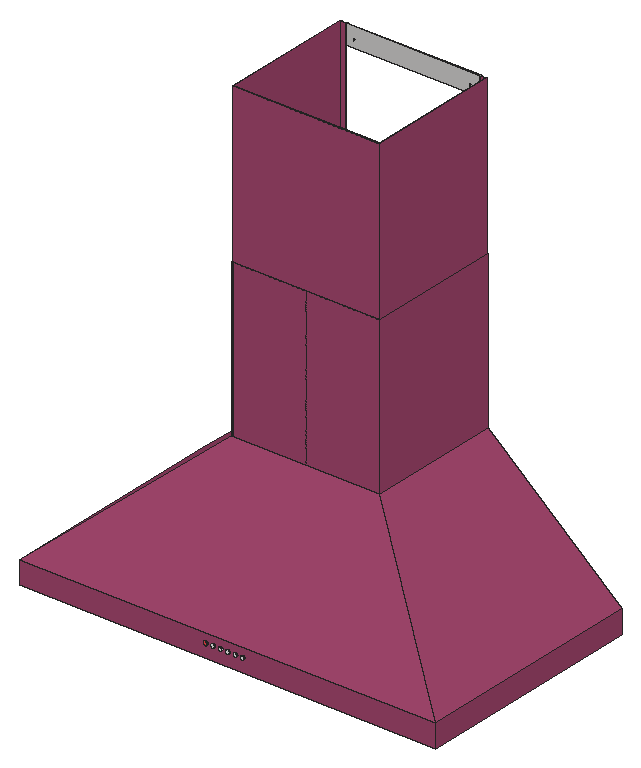
Revit family "FP_Revit_18_HC36PCR1_Rangehood_90001880A", category Specialty Equipment, Revit 2018
Family settings
  Round Connector Dimension = Use Diameter
  Part Type = Normal
  OmniClass Number = 23.40.40.00
  OmniClass Title = Food Service Equipment and Furnishings
  Work Plane-Based = No
  Always vertical = Yes
  Cut with Voids When Loaded = Yes
  Shared = No
  Room Calculation Point = No
Parameters (values of type "HC36PCR1")
  Visibility - Upper Chimney Extension [instance] = yes
  URL = "www.fisherpaykel.com"
  Product - Width = 898 mm  # constant formula
  Product - Height (636mm - 975mm) Ducted [instance] = 975 mm
  Product - Depth = 500 mm  # constant formula
  Model = "HC36PCR1"
  Material - COLOUR CHANGE = Fisher & Paykel - Red
  Material - Buttons and Dials = Fisher & Paykel - Steel, Chrome Plated
  Material - Body = Fisher & Paykel - Stainless Steel
  Manufacturer = "Fisher & Paykel Appliances"
  FFL Offset [instance] = 1565 mm
  Description = "36\" Rangehood"
  Connector Description - Extraction = "6” (152 mm) diameter, rigid or semi-rigid ducting, 600 CFM"
  Connector Description - Electrical = "120 V, 60 Hz"
  Chassis - Width = 320 mm  # constant formula
  Chassis - Height = 298 mm  # constant formula
  Chassis - Depth = 290 mm  # constant formula
Types (5, lengths in mm): name | Model | Material - COLOUR CHANGE
  (no name) | "HC36PCR1" | Fisher & Paykel - Red
  HC36PCB1 | "HC36PCB1" | Fisher & Paykel - Black
  HC36PCR1 | "HC36PCR1" | Fisher & Paykel - Red
  HC36PCX1 | "HC36PCX1" | Fisher & Paykel - Stainless Steel
  HC36PCW1 | "HC36PCW1" | Fisher & Paykel - White
Reference planes
  plane 1 "Datum": y = 0
  plane 2: z = 0
  plane 3 "Center (Left/Right)": x = 0
  plane 4 "Product - Height": z = 2540
  plane 5 "Product LHS": x = -449
  plane 6 "Product RHS": x = 449
  plane 7 "Product - Depth": y = -500
  plane 8 "Cavity LHS": x = -160
  plane 9 "Cavity RHS": x = 160
  plane 10 "Chassis - Depth": y = -290
  plane 11 "FFL Offset": z = 1565
  plane 12 "Chassis - Height": z = 1863
Forms (mm)
  Extrusion 1, solid, material "Fisher & Paykel - Red" <- "Material - COLOUR CHANGE"
    sketch origin (0, 0, 0) x (1, 0, 0) y (0, 1, 0)
      loop
        line (-145, 0) -> (-160, 0) -> (-160, -290) -> (0, -290) -> (160, -290) -> (160, 0) -> (145, 0) -> (145, -1) -> (159, -1) -> (159, -289) -> (-159, -289) -> (-159, -1) -> (-145, -1) -> (-145, 0)
    from 1863 to 2200
  Extrusion 2, solid, material "Fisher & Paykel - Red" <- "Material - COLOUR CHANGE", visible <- "Visibility - Upper Chimney Extension"
    sketch origin (0, 0, 0) x (1, 0, 0) y (0, 1, 0)
      loop
        line (-158, -2) -> (-145, -2) -> (-145, -1) -> (-159, -1) -> (-159, -289) -> (159, -289) -> (159, -1) -> (145, -1) -> (145, -2) -> (158, -2) -> (158, -288.044) -> (-158, -288.044) -> (-158, -2)
    from 2190 to 2540
  Extrusion 3, solid, material "Fisher & Paykel - Stainless Steel" <- "Material - Body"
    sketch origin (0, 0, 0) x (1, 0, 0) y (0, 1, 0)
      loop
        circle (0, -87.6) r 75
      loop
        circle (0, -87.6) r 74
    from 1850 to 1897.007
  Extrusion 4, solid, material "Fisher & Paykel - Stainless Steel" <- "Material - Body", visible <- "Visibility - Upper Chimney Extension"
    sketch origin (0, 0, 7) x (1, 0, 0) y (0, 0, 1)
      loop
        line (-145, 2491.596) -> (145, 2491.596) -> (145, 2533) -> (-145, 2533) -> (-145, 2491.596)
      loop
        circle (125, 2508) r 2.5
      loop
        circle (-125, 2508) r 2.5
    from 0 to 2
  Extrusion 5, solid, material "Fisher & Paykel - Steel, Chrome Plated" <- "Material - Buttons and Dials", detail levels fine
    sketch origin (0, 0, 565) x (1, 0, 0) y (0, 0, 1)
      loop
        circle (-32, 1029.1) r 3.958
      loop
        circle (-16, 1029.1) r 3.958
      loop
        circle (0, 1029.1) r 3.958
      loop
        circle (16, 1029.1) r 3.958
      loop
        circle (32, 1029.1) r 3.958
    from 501 to 500
  Extrusion 6, void
    sketch origin (0, 0, 0) x (1, 0, 0) y (0, 1, 0)
      loop
        line (-427.4, -479.9) -> (427.4, -479.9) -> (427.4, -89.9) -> (-427.4, -89.9) -> (-427.4, -479.9)
      loop
        circle (-207.5, -42) r 25
      loop
        circle (207.5, -42) r 25
    from 1565 to 1574
  Extrusion 7, solid, material "Fisher & Paykel - Stainless Steel" <- "Material - Body", detail levels fine
    sketch origin (0, 0, 0) x (1, 0, 0) y (0, 1, 0)
      loop
        line (142.7, -89.9) -> (142.7, -479.9) -> (427.4, -479.9) -> (427.4, -89.9) -> (142.7, -89.9)
      loop
        line (417.55, -469.9) -> (417.55, -99.9) -> (152.2, -99.9) -> (152.2, -469.9) -> (252.55, -469.9) -> (252.55, -409.9) -> (317.55, -409.9) -> (317.55, -469.9) -> (417.55, -469.9)
      loop
        line (269.45, -428.3) -> (269.45, -468.3) -> (300.65, -468.3) -> (300.65, -428.3) -> (269.45, -428.3)
      loop
        line (274.65, -433.5) -> (274.65, -463.1) -> (295.45, -463.1) -> (295.45, -433.5) -> (274.65, -433.5)
      loop
        line (274.85, -442.6) -> (274.85, -462.9) -> (295.25, -462.9) -> (295.25, -442.6) -> (274.85, -442.6)
      loop
        line (-142.7, -89.9) -> (-427.4, -89.9) -> (-427.4, -479.9) -> (-142.7, -479.9) -> (-142.7, -89.9)
      loop
        line (-417.55, -469.9) -> (-317.55, -469.9) -> (-317.55, -409.9) -> (-252.55, -409.9) -> (-252.55, -469.9) -> (-152.2, -469.9) -> (-152.2, -99.9) -> (-417.55, -99.9) -> (-417.55, -469.9)
      loop
        line (-269.45, -428.3) -> (-300.65, -428.3) -> (-300.65, -468.3) -> (-269.45, -468.3) -> (-269.45, -428.3)
      loop
        line (-274.65, -433.5) -> (-295.45, -433.5) -> (-295.45, -463.1) -> (-274.65, -463.1) -> (-274.65, -433.5)
      loop
        line (-274.85, -442.6) -> (-295.25, -442.6) -> (-295.25, -462.9) -> (-274.85, -462.9) -> (-274.85, -442.6)
      loop
        line (-142.35, -89.9) -> (-142.35, -479.9) -> (142.35, -479.9) -> (142.35, -89.9) -> (-142.35, -89.9)
      loop
        line (132.5, -469.9) -> (132.5, -99.9) -> (-132.85, -99.9) -> (-132.85, -469.9) -> (-32.5, -469.9) -> (-32.5, -409.9) -> (32.5, -409.9) -> (32.5, -469.9) -> (132.5, -469.9)
      loop
        line (-15.6, -428.3) -> (-15.6, -468.3) -> (15.6, -468.3) -> (15.6, -428.3) -> (-15.6, -428.3)
      loop
        line (-10.4, -433.5) -> (-10.4, -463.1) -> (10.4, -463.1) -> (10.4, -433.5) -> (-10.4, -433.5)
      loop
        line (-10.2, -442.6) -> (-10.2, -462.9) -> (10.2, -462.9) -> (10.2, -442.6) -> (-10.2, -442.6)
      loop
        line (268.45, -427.3) -> (268.45, -469.3) -> (301.65, -469.3) -> (301.65, -427.3) -> (268.45, -427.3)
      loop
        line (-16.6, -427.3) -> (-16.6, -469.3) -> (16.6, -469.3) -> (16.6, -427.3) -> (-16.6, -427.3)
      loop
        line (-268.45, -427.3) -> (-301.65, -427.3) -> (-301.65, -469.3) -> (-268.45, -469.3) -> (-268.45, -427.3)
    from 1566 to 1574
  Extrusion 8, solid, material "Fisher & Paykel - Aluminium", detail levels medium+fine
    sketch origin (0, 0, 0) x (1, 0, 0) y (0, 1, 0)
      loop
        line (152.2, -99.9) -> (152.2, -469.9) -> (252.55, -469.9) -> (252.55, -409.9) -> (317.55, -409.9) -> (317.55, -469.9) -> (417.55, -469.9) -> (417.55, -99.9) -> (152.2, -99.9)
      loop
        line (-152.2, -99.9) -> (-417.55, -99.9) -> (-417.55, -469.9) -> (-317.55, -469.9) -> (-317.55, -409.9) -> (-252.55, -409.9) -> (-252.55, -469.9) -> (-152.2, -469.9) -> (-152.2, -99.9)
      loop
        line (-132.675, -99.9) -> (-132.675, -469.9) -> (-32.325, -469.9) -> (-32.325, -409.9) -> (32.675, -409.9) -> (32.675, -469.9) -> (132.675, -469.9) -> (132.675, -99.9) -> (-132.675, -99.9)
    from 1566 to 1574
  Extrusion 9, void
    sketch origin (0, 0, 0) x (1, 0, 0) y (0, 0, 1)
      loop
        line (-449, 1863) -> (-449, 1615) -> (-160, 1863) -> (-449, 1863)
      loop
        line (449, 1863) -> (160, 1863) -> (449, 1615) -> (449, 1863)
    from 0 to 500
  Extrusion 10, solid, material "Fisher & Paykel - Red" <- "Material - COLOUR CHANGE"
    sketch origin (0, 0, 0) x (0, 1, 0) y (0, 0, 1)
      loop
        line (-500, 1565) -> (0, 1565) -> (0, 1863) -> (-290, 1863) -> (-500, 1615) -> (-500, 1565)
    from -449 to 449
  Extrusion 11, solid, material "Fisher & Paykel - Stainless Steel" <- "Material - Body", detail levels medium+fine
    sketch origin (0, 0, 0) x (1, 0, 0) y (0, 1, 0)
      loop
        circle (90.933, -33) r 3
    from 1897.007 to 1850
  Extrusion 12, solid, material "Fisher & Paykel - Steel, Chrome Plated" <- "Material - Buttons and Dials", detail levels medium+fine
    sketch origin (0, 0, 0) x (1, 0, 0) y (0, 1, 0)
      loop
        circle (-207.5, -42) r 25
      loop
        circle (-207.5, -42) r 22
      loop
        circle (207.5, -42) r 25
      loop
        circle (207.5, -42) r 22
    from 1565 to 1574
  Extrusion 13, solid, material "Fisher & Paykel - White Bezel", detail levels fine
    sketch origin (0, 0, 0) x (1, 0, 0) y (0, 1, 0)
      loop
        circle (-207.5, -42) r 22
      loop
        circle (207.5, -42) r 22
    from 1565 to 1574
  Extrusion 14, void
    sketch origin (0, 0, 0) x (1, 0, 0) y (0, 0, 1)
      loop
        circle (254, 1612) r 2.5
      loop
        circle (125, 1859) r 2.5
      loop
        circle (-254, 1610) r 2.5
      loop
        circle (-125, 1859) r 2.5
    from 0 to 7
  Extrusion 15, solid, material "Fisher & Paykel - Stainless Steel" <- "Material - Body"
    sketch origin (0, 0, 0) x (1, 0, 0) y (0, 0, 1)
      loop
        line (-145, 2183) -> (-145, 2143) -> (145, 2143) -> (145, 2183) -> (-145, 2183)
      loop
        circle (125, 2161) r 2.5
      loop
        circle (-125, 2161) r 2.5
    from 0 to 2
  Extrusion 16, void
    sketch origin (0, 0, 0) x (1, 0, 0) y (0, 1, 0)
      loop
        line (-159, -289) -> (159, -289) -> (159, -2) -> (-159, -2) -> (-159, -289)
    from 1850 to 1863
  Extrusion 17, solid, material "Fisher & Paykel - Bezel Red", detail levels fine
    sketch origin (0, 0, 0) x (1, 0, 0) y (0, 0, 1)
      loop
        circle (-48, 1594.1) r 4.044
    from 500 to 501
Cuts and joins
  Extrusion 6, Extrusion 9, Extrusion 14, Extrusion 16 cuts Extrusion 10
  joined: Extrusion 1, Extrusion 10
  Extrusion 14 cuts Extrusion 4
  Extrusion 14 cuts Extrusion 15
Text (mm)
  text "Due to ongoing product development, product details are subject to change without notice. \nPlease always refer to www.fisherpaykel.com for the most current product information. \n© Fisher & Paykel 2020" at (41.04, -1225.549, 0), in view "Ref. Level (Plan)"
Dimensions and locks
  equal spacing: plane 5 "Product LHS", plane 3 "Center (Left/Right)", plane 6 "Product RHS"
  equal spacing: plane 8 "Cavity LHS", plane 3 "Center (Left/Right)", plane 9 "Cavity RHS"
  "Chassis - Width": plane 8 "Cavity LHS" to plane 9 "Cavity RHS"
  locked: Extrusion 1 sketch curve to Extrusion 1 sketch curve at 1  (x3)
  "FFL Offset": plane 11 "FFL Offset" to level
  "Product - Height (636mm - 975mm) Ducted": plane 4 "Product - Height" to plane 11 "FFL Offset"
  locked: Extrusion 8 to plane 11 "FFL Offset" at 9
  locked: Extrusion 7 to plane 11 "FFL Offset" at 1
  locked: Extrusion 1 to plane 11 "FFL Offset" at 635
  "Chassis - Depth": plane 10 "Chassis - Depth" to plane 1 "Datum"
  "Product - Width": plane 5 "Product LHS" to plane 6 "Product RHS"
  "Product - Depth": plane 1 "Datum" to plane 7 "Product - Depth"
  "Chassis - Height": plane 12 "Chassis - Height" to plane 11 "FFL Offset"
  locked: plane 11 "FFL Offset" to Extrusion 14 sketch curve at 294
  locked: plane 4 "Product - Height" to Extrusion 2 at 350
  locked: Extrusion 3 to plane 11 "FFL Offset" at 332.007
  locked: plane 11 "FFL Offset" to cut or joined group of Extrusion 1, Extrusion 6, Extrusion 9, Extrusion 10, Extrusion 14, Extrusion 16 at 285
  locked: plane 11 "FFL Offset" to cut or joined group of Extrusion 14, Extrusion 15 at 596
  locked: plane 11 "FFL Offset" to cut or joined group of Extrusion 14, Extrusion 15 at 618
  locked: plane 11 "FFL Offset" to cut or joined group of Extrusion 14, Extrusion 15 at 578
  cut or joined group of Extrusion 4, Extrusion 14 to plane 4 "Product - Height" = 41.404 mm
  locked: cut or joined group of Extrusion 4, Extrusion 14 to plane 4 "Product - Height" at 25
  locked: plane 11 "FFL Offset" to cut or joined group of Extrusion 1, Extrusion 6, Extrusion 9, Extrusion 10, Extrusion 14, Extrusion 16 at 294
  locked: plane 11 "FFL Offset" to Extrusion 14 sketch curve at 47
  locked: plane 11 "FFL Offset" to cut or joined group of Extrusion 1, Extrusion 6, Extrusion 9, Extrusion 10, Extrusion 14, Extrusion 16 at 47
  aligned and locked: level to plane 2
  aligned and locked: Extrusion 1 sketch curve to plane 8 "Cavity LHS"
  aligned and locked: plane 9 "Cavity RHS" to Extrusion 1 sketch curve
  aligned and locked: plane 10 "Chassis - Depth" to Extrusion 1 sketch curve
  aligned and locked: plane 4 "Product - Height" to Extrusion 2
  aligned and locked: Extrusion 10 to plane 6 "Product RHS"
  aligned and locked: plane 5 "Product LHS" to Extrusion 10
  aligned and locked: Extrusion 7 to Extrusion 8  (x2)
  aligned and locked: Extrusion 6 to Extrusion 7
  aligned and locked: cut or joined group of Extrusion 1, Extrusion 6, Extrusion 9, Extrusion 10, Extrusion 14, Extrusion 16 to plane 11 "FFL Offset"
  aligned and locked: Extrusion 12 to Extrusion 7
  aligned and locked: Extrusion 13 to Extrusion 7
  aligned and locked: Extrusion 13 to plane 11 "FFL Offset"
  aligned and locked: Extrusion 12 to plane 11 "FFL Offset"
  aligned and locked: plane 4 "Product - Height" to Extrusion 4
  aligned and locked: Extrusion 1 to plane 12 "Chassis - Height"
  aligned and locked: plane 7 "Product - Depth" to Extrusion 5
  aligned and locked: plane 7 "Product - Depth" to Extrusion 17
  aligned and locked: Extrusion 16 to Extrusion 1
  aligned and locked: cut or joined group of Extrusion 1, Extrusion 6, Extrusion 9, Extrusion 10, Extrusion 14, Extrusion 16 to Extrusion 3
  aligned and locked: Extrusion 3 to Extrusion 11
  aligned and locked: cut or joined group of Extrusion 1, Extrusion 6, Extrusion 9, Extrusion 10, Extrusion 14, Extrusion 16 to Extrusion 11
  aligned and locked: cut or joined group of Extrusion 4, Extrusion 14 to Extrusion 2
  aligned and locked: cut or joined group of Extrusion 14, Extrusion 15 to Extrusion 2
Automatic sketch dimensions
  Extrusion 2 sketch curve to plane 8 "Cavity LHS" = 1 mm
  Extrusion 2 sketch curve to Extrusion 2 sketch curve = 1 mm
  plane 1 "Datum" to Extrusion 2 sketch curve = 2 mm  (x2)
  Extrusion 2 sketch curve to Extrusion 2 sketch curve = 13 mm
  plane 9 "Cavity RHS" to Extrusion 2 sketch curve = 15 mm
  plane 9 "Cavity RHS" to Extrusion 2 sketch curve = 2 mm
  plane 9 "Cavity RHS" to Extrusion 2 sketch curve = 1 mm
  plane 10 "Chassis - Depth" to Extrusion 2 sketch curve = 1.956 mm
  plane 10 "Chassis - Depth" to Extrusion 2 sketch curve = 1 mm
  plane 1 "Datum" to Extrusion 2 sketch curve = 1 mm  (x2)
  Extrusion 4 sketch curve to plane 4 "Product - Height" = 0 mm
  Extrusion 4 sketch curve to plane 8 "Cavity LHS" = 15 mm
  Extrusion 4 sketch curve to plane 8 "Cavity LHS" = 35 mm
  plane 9 "Cavity RHS" to Extrusion 4 sketch curve = 35 mm
  plane 9 "Cavity RHS" to Extrusion 4 sketch curve = 15 mm
  Extrusion 4 sketch curve to plane 4 "Product - Height" = 25 mm  (x2)
  Extrusion 4 sketch curve to Extrusion 4 sketch curve = 16.404 mm
  Extrusion 6 sketch curve to plane 5 "Product LHS" = 21.6 mm
  plane 8 "Cavity LHS" to Extrusion 6 sketch curve = 47.5 mm
  Extrusion 6 sketch curve to plane 9 "Cavity RHS" = 47.5 mm
  plane 6 "Product RHS" to Extrusion 6 sketch curve = 21.6 mm
  plane 7 "Product - Depth" to Extrusion 6 sketch curve = 20.1 mm
  plane 1 "Datum" to Extrusion 6 sketch curve = 89.9 mm
  plane 1 "Datum" to Extrusion 6 sketch curve = 42 mm  (x2)
  plane 9 "Cavity RHS" to Extrusion 11 sketch curve = 69.067 mm
  plane 10 "Chassis - Depth" to Extrusion 11 sketch curve = 257 mm
  Extrusion 12 sketch curve to Extrusion 12 sketch curve = 0 mm  (x4)
  plane 8 "Cavity LHS" to Extrusion 12 sketch curve = 47.5 mm
  Extrusion 12 sketch curve to plane 9 "Cavity RHS" = 47.5 mm
  plane 1 "Datum" to Extrusion 12 sketch curve = 42 mm  (x2)
  plane 8 "Cavity LHS" to Extrusion 13 sketch curve = 47.5 mm
  Extrusion 13 sketch curve to plane 9 "Cavity RHS" = 47.5 mm
  plane 1 "Datum" to Extrusion 13 sketch curve = 42 mm  (x2)
  plane 11 "FFL Offset" to Extrusion 14 sketch curve = 45 mm
  plane 8 "Cavity LHS" to Extrusion 14 sketch curve = 94 mm
  Extrusion 14 sketch curve to plane 12 "Chassis - Height" = 4 mm
  Extrusion 14 sketch curve to plane 8 "Cavity LHS" = 35 mm
  plane 9 "Cavity RHS" to Extrusion 14 sketch curve = 35 mm
  Extrusion 14 sketch curve to plane 9 "Cavity RHS" = 94 mm
  Extrusion 15 sketch curve to plane 8 "Cavity LHS" = 15 mm
  Extrusion 15 sketch curve to plane 8 "Cavity LHS" = 35 mm
  plane 9 "Cavity RHS" to Extrusion 15 sketch curve = 35 mm
  plane 9 "Cavity RHS" to Extrusion 15 sketch curve = 15 mm
  plane 12 "Chassis - Height" to Extrusion 15 sketch curve = 280 mm
  Extrusion 15 sketch curve to Extrusion 15 sketch curve = 18 mm  (x2)
  Extrusion 15 sketch curve to Extrusion 15 sketch curve = 22 mm
  plane 1 "Datum" to Extrusion 1 sketch curve = 0 mm  (x2)
  Extrusion 1 sketch curve to plane 3 "Center (Left/Right)" = 0 mm
  plane 1 "Datum" to Extrusion 1 sketch curve = 1 mm  (x2)
  Extrusion 1 sketch curve to Extrusion 1 sketch curve = 14 mm  (x2)
  Extrusion 10 sketch curve to plane 7 "Product - Depth" = 0 mm
  Extrusion 10 sketch curve to plane 12 "Chassis - Height" = 0 mm
  Extrusion 10 sketch curve to plane 10 "Chassis - Depth" = 0 mm
  Extrusion 10 sketch curve to plane 1 "Datum" = 0 mm
  Extrusion 10 sketch curve to plane 11 "FFL Offset" = 0 mm
  Extrusion 10 sketch curve to Extrusion 10 sketch curve = 50 mm
  plane 5 "Product LHS" to Extrusion 9 sketch curve = 0 mm
  plane 8 "Cavity LHS" to Extrusion 9 sketch curve = 0 mm
  plane 9 "Cavity RHS" to Extrusion 9 sketch curve = 0 mm
  plane 6 "Product RHS" to Extrusion 9 sketch curve = 0 mm
  Extrusion 9 sketch curve to plane 12 "Chassis - Height" = 0 mm  (x2)
  plane 11 "FFL Offset" to Extrusion 9 sketch curve = 50 mm  (x2)
  Extrusion 5 sketch curve to plane 3 "Center (Left/Right)" = 0 mm
  Extrusion 5 sketch curve to plane 3 "Center (Left/Right)" = 16 mm
  Extrusion 5 sketch curve to Extrusion 5 sketch curve = 16 mm  (x3)
  plane 11 "FFL Offset" to Extrusion 5 sketch curve = 29.1 mm
  Extrusion 5 sketch curve to Extrusion 5 sketch curve = 0 mm  (x4)
  Extrusion 17 sketch curve to plane 3 "Center (Left/Right)" = 48 mm
  plane 11 "FFL Offset" to Extrusion 17 sketch curve = 29.1 mm
  Extrusion 7 sketch curve to plane 5 "Product LHS" = 21.6 mm
  Extrusion 7 sketch curve to Extrusion 7 sketch curve = 9.85 mm  (x3)
  plane 7 "Product - Depth" to Extrusion 7 sketch curve = 30.1 mm  (x4)
  Extrusion 7 sketch curve to Extrusion 7 sketch curve = 100 mm
  Extrusion 7 sketch curve to Extrusion 7 sketch curve = 16.9 mm  (x5)
  Extrusion 7 sketch curve to Extrusion 7 sketch curve = 5.2 mm  (x12)
  Extrusion 7 sketch curve to Extrusion 7 sketch curve = 0.2 mm  (x9)
  Extrusion 7 sketch curve to Extrusion 7 sketch curve = 20.4 mm  (x2)
  Extrusion 7 sketch curve to plane 8 "Cavity LHS" = 7.8 mm
  Extrusion 7 sketch curve to Extrusion 7 sketch curve = 9.5 mm  (x2)
  Extrusion 7 sketch curve to Extrusion 7 sketch curve = 0.35 mm  (x2)
  Extrusion 7 sketch curve to plane 3 "Center (Left/Right)" = 32.5 mm
  Extrusion 7 sketch curve to plane 3 "Center (Left/Right)" = 15.6 mm
  plane 3 "Center (Left/Right)" to Extrusion 7 sketch curve = 10.2 mm
  plane 9 "Cavity RHS" to Extrusion 7 sketch curve = 27.5 mm
  plane 9 "Cavity RHS" to Extrusion 7 sketch curve = 7.8 mm
  Extrusion 7 sketch curve to plane 9 "Cavity RHS" = 92.55 mm
  plane 6 "Product RHS" to Extrusion 7 sketch curve = 31.45 mm
  Extrusion 7 sketch curve to Extrusion 7 sketch curve = 0 mm  (x3)
  Extrusion 7 sketch curve to Extrusion 7 sketch curve = 10 mm  (x5)
  plane 7 "Product - Depth" to Extrusion 7 sketch curve = 20.1 mm
  Extrusion 7 sketch curve to Extrusion 7 sketch curve = 1.6 mm  (x3)
  Extrusion 7 sketch curve to Extrusion 7 sketch curve = 20.3 mm  (x3)
  Extrusion 7 sketch curve to Extrusion 7 sketch curve = 9.1 mm  (x3)
  Extrusion 7 sketch curve to Extrusion 7 sketch curve = 18.4 mm  (x3)
  plane 1 "Datum" to Extrusion 7 sketch curve = 99.9 mm  (x2)
  Extrusion 8 sketch curve to plane 5 "Product LHS" = 31.45 mm
  plane 7 "Product - Depth" to Extrusion 8 sketch curve = 30.1 mm  (x4)
  Extrusion 8 sketch curve to Extrusion 8 sketch curve = 100 mm
  Extrusion 8 sketch curve to Extrusion 8 sketch curve = 65 mm  (x2)
  Extrusion 8 sketch curve to plane 8 "Cavity LHS" = 7.8 mm
  Extrusion 8 sketch curve to Extrusion 8 sketch curve = 19.525 mm
  Extrusion 8 sketch curve to plane 3 "Center (Left/Right)" = 32.325 mm
  plane 3 "Center (Left/Right)" to Extrusion 8 sketch curve = 32.675 mm
  plane 9 "Cavity RHS" to Extrusion 8 sketch curve = 27.325 mm
  plane 9 "Cavity RHS" to Extrusion 8 sketch curve = 7.8 mm
  Extrusion 8 sketch curve to plane 9 "Cavity RHS" = 92.55 mm
  plane 6 "Product RHS" to Extrusion 8 sketch curve = 31.45 mm
  Extrusion 8 sketch curve to Extrusion 8 sketch curve = 0 mm  (x3)
  Extrusion 8 sketch curve to Extrusion 8 sketch curve = 60 mm  (x3)
  plane 1 "Datum" to Extrusion 8 sketch curve = 99.9 mm  (x2)
  Extrusion 3 sketch curve to Extrusion 3 sketch curve = 0 mm  (x2)
  plane 1 "Datum" to Extrusion 3 sketch curve = 87.6 mm
  plane 6 "Product RHS" to Extrusion 3 sketch curve = 449 mm
  plane 1 "Datum" to Extrusion 16 sketch curve = 2 mm
  Extrusion 16 sketch curve to plane 8 "Cavity LHS" = 1 mm
  plane 9 "Cavity RHS" to Extrusion 16 sketch curve = 1 mm
  plane 10 "Chassis - Depth" to Extrusion 16 sketch curve = 1 mm
  Extrusion 7 sketch curve to Extrusion 7 sketch curve = 1 mm  (x12)
  radius of Extrusion 4 sketch curve = 2.5 mm  (x2)
  radius of Extrusion 6 sketch curve = 25 mm  (x2)
  radius of Extrusion 11 sketch curve = 3 mm
  radius of Extrusion 12 sketch curve = 25 mm  (x2)
  radius of Extrusion 12 sketch curve = 22 mm  (x2)
  radius of Extrusion 13 sketch curve = 22 mm  (x2)
  radius of Extrusion 14 sketch curve = 2.5 mm  (x4)
  radius of Extrusion 15 sketch curve = 2.5 mm  (x2)
  radius of Extrusion 5 sketch curve = 3.958 mm  (x5)
  radius of Extrusion 17 sketch curve = 4.044 mm
  radius of Extrusion 3 sketch curve = 75 mm
  radius of Extrusion 3 sketch curve = 74 mm
Connectors
  hvac at (0, -87.6, 1897.007), driven by "Connector Description - Extraction"
    settings: on Extrusion 3, index 1, duct flow 0.0 L/s, flow factor 0, pres drop 0.0 Pa, loss coef 0, conn angle 0.00°, conn width 304.8 mm, conn height 304.8 mm, conn diameter 150 mm, duct sys type 4, conn prof type 0, flow config 0, flow direction 2, loss method 0, conn ref index -1, conn util no, is conn primary yes, conn desc "6” (152 mm) diameter, rigid or semi-rigid ducting, 600 CFM"
  electrical at (90.933, -33, 1850), driven by "Connector Description - Electrical"
    settings: on Extrusion 11, index 2, voltage 120 V, apparent load 0 VA, apparent load phase1 0 VA, apparent load phase2 0 VA, apparent load phase3 0 VA, power factor 1, load classification "Other", number of poles 1, system type 30, power factor state 1, is connector primary yes, connector utility no, sub classification motor no, connector description "120 V, 60 Hz"
